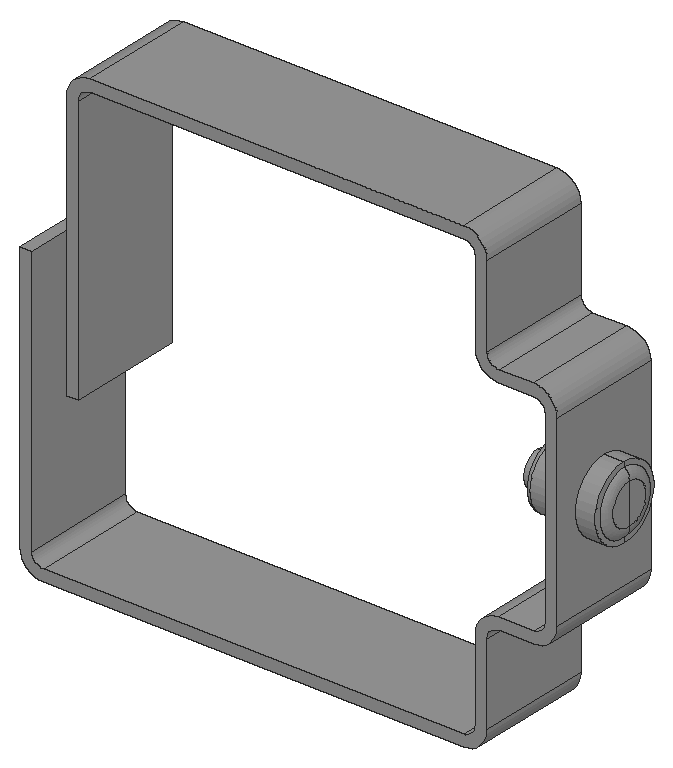
Revit family "ITK Органайзер кабельное кольцо 80х80мм", category Обобщенные модели, Revit 2016
Family settings
  Тип детали = Нормальный
  Может служить основой для арматурных стержней = Нет
  Размер круглого соединителя = Использовать диаметр
  На основе рабочей плоскости = Нет
  Всегда вертикально = Да
  При загрузке вырезать с полостями = Нет
  Общий = Нет
  Точка расчета площади = Нет
Parameters (values of type "CR35-8080")
  Совместимость = "Серия Linea S, N, W,F,O"
  Высота = 80 mm
  Описание = "Кабельные органайзеры, кольца и скобы ITK предназначены для организации кабеля и кабельных пучков в шкафах и стойках, обеспечивают их поддержку, гарантируют необходимый радиус изгиба коммутационных шнуров и кабеля при подведении их к оборудованию. При использовании кабельных организаторов и колец существенно снижается вероятность появления перегибов и изломов кабелей.\r\n\r\nКабельные кольца могут устанавливаться в любом месте шкафа, как на 19-дюймовые монтажные профили с фронтальной стороны или сбоку, так и на горизонтальные боковые профили, обеспечивая горизонтальную и вертикальную организацию кабеля. Монтаж осуществляется с помощью крепежа винт-шайба-гайка.\r\nСовместимы со всеми 19-дюймовыми шкафами и стойками ITK.\r\nОбладают современным привлекательным дизайном и продуманной конструкцией.\r\nУдобны в монтаже и эксплуатации.\r\nСоответствие международным стандартам ISO9001, IEC 297, ISO/IEC 11801. \r\nСертифицированы по ГОСТ Р.\r\nВсе аксессуары идут с крепежом.\r\nВозможно исполнение в двух цветах: серый (RAL7035) и черный (RAL9005).\r\nВсегда в наличии на складе.\r\nГарантия на все аксессуары до 2-х лет."  # constant formula
  Материал = Окраска - RAL 7035
  Type Comments = ""
  Изготовитель = "ITK"  # constant formula
  Глубина = 20 mm
  URL = "http://www.itk-group.ru/produktsiya/catalog/?page=section&id=564&pagen=1&pagec=50"
  ADSK_Примечание = ""
  ADSK_Позиция [instance] = ""
  ADSK_Наименование краткое = "CR35-8080"
  ADSK_Наименование = "ITK Органайзерр кабельное кольцо 80х80мм, серый"
  ADSK_Масса = 0
  ADSK_Марка = "CR35-8080"
  ADSK_Код изделия = ""
  ADSK_Завод-изготовитель = "IEK"
  ADSK_Единица измерения = "шт"
  ADSK_Группирование = "I. ЩИТЫ И ПУЛЬТЫ"
Reference planes
  plane 1 "По центру (Вперед/Назад)": y = 0
  plane 2: z = 0
  plane 3 "По центру (Влево/Вправо)": x = 0
  plane 4: z = 80
  plane 5: z = 40
  plane 6: y = 10
  plane 7: y = -10
Forms (mm)
  Extrusion 1, solid, material "Окраска - RAL 7035" <- "Материал", detail levels fine
    sketch origin (-2000, -1, 1200) x (-1, 0, 0) y (0, 0, -1)
      loop
        line (-1908, 1150) -> (-1908, 1196)
        arc (-1908, 1196) -> (-1909.172, 1198.828) -> (-1912, 1200) r 4
        line (-1912, 1200) -> (-1984, 1200)
        arc (-1984, 1200) -> (-1986.828, 1198.828) -> (-1988, 1196) r 4
        line (-1988, 1196) -> (-1988, 1182)
        arc (-1988, 1182) -> (-1988.586, 1180.586) -> (-1990, 1180) r 2
        line (-1990, 1180) -> (-1996, 1180)
        arc (-1996, 1180) -> (-1998.828, 1178.828) -> (-2000, 1176) r 4
        line (-2000, 1176) -> (-2000, 1144)
        arc (-2000, 1144) -> (-1998.828, 1141.172) -> (-1996, 1140) r 4
        line (-1996, 1140) -> (-1990, 1140)
        arc (-1990, 1140) -> (-1988.586, 1139.414) -> (-1988, 1138) r 2
        line (-1988, 1138) -> (-1988, 1124)
        arc (-1988, 1124) -> (-1986.828, 1121.172) -> (-1984, 1120) r 4
        line (-1984, 1120) -> (-1920, 1120)
        arc (-1920, 1120) -> (-1917.172, 1121.172) -> (-1916, 1124) r 4
        line (-1916, 1124) -> (-1916, 1170) -> (-1918, 1170) -> (-1918, 1124)
        arc (-1918, 1124) -> (-1918.586, 1122.586) -> (-1920, 1122) r 2
        line (-1920, 1122) -> (-1984, 1122)
        arc (-1984, 1122) -> (-1985.414, 1122.586) -> (-1986, 1124) r 2
        line (-1986, 1124) -> (-1986, 1138)
        arc (-1986, 1138) -> (-1987.172, 1140.828) -> (-1990, 1142) r 4
        line (-1990, 1142) -> (-1996, 1142)
        arc (-1996, 1142) -> (-1997.414, 1142.586) -> (-1998, 1144) r 2
        line (-1998, 1144) -> (-1998, 1176)
        arc (-1998, 1176) -> (-1997.414, 1177.414) -> (-1996, 1178) r 2
        line (-1996, 1178) -> (-1990, 1178)
        arc (-1990, 1178) -> (-1987.172, 1179.172) -> (-1986, 1182) r 4
        line (-1986, 1182) -> (-1986, 1196)
        arc (-1986, 1196) -> (-1985.414, 1197.414) -> (-1984, 1198) r 2
        line (-1984, 1198) -> (-1912, 1198)
        arc (-1912, 1198) -> (-1910.586, 1197.414) -> (-1910, 1196) r 2
        line (-1910, 1196) -> (-1910, 1150) -> (-1908, 1150)
    from -11 to 9
Dimensions and locks
  "Высота": plane 4 to plane 2
  equal spacing: plane 4, plane 5, plane 2
  equal spacing: plane 7, plane 1 "По центру (Вперед/Назад)", plane 6
  "Глубина": plane 7 to plane 6
  aligned and locked: level to plane 2
  aligned and locked: plane 4 to Extrusion 1 sketch curve
  aligned and locked: Extrusion 1 sketch curve to plane 2
  aligned and locked: plane 3 "По центру (Влево/Вправо)" to Extrusion 1 sketch curve
  aligned and locked: plane 6 to Extrusion 1
  aligned and locked: plane 7 to Extrusion 1
  aligned and locked: plane 5 to nested 1
  aligned and locked: nested 1 to plane 1 "По центру (Вперед/Назад)"
Automatic sketch dimensions
  Extrusion 1 sketch curve to Extrusion 1 sketch curve = 0 mm  (x16)
  plane 3 "По центру (Влево/Вправо)" to Extrusion 1 sketch curve = 2 mm
  plane 3 "По центру (Влево/Вправо)" to Extrusion 1 sketch curve = 4 mm
  Extrusion 1 sketch curve to Extrusion 1 sketch curve = 2 mm  (x5)
  Extrusion 1 sketch curve to Extrusion 1 sketch curve = 6 mm  (x2)
  Extrusion 1 sketch curve to level = 4 mm
  plane 3 "По центру (Влево/Вправо)" to Extrusion 1 sketch curve = 12 mm
  Extrusion 1 sketch curve to Extrusion 1 sketch curve = 64 mm
  plane 5 to Extrusion 1 sketch curve = 10 mm
  Extrusion 1 sketch curve to Extrusion 1 sketch curve = 4 mm
  Extrusion 1 sketch curve to Extrusion 1 sketch curve = 14 mm
  Extrusion 1 sketch curve to plane 5 = 16 mm
  Extrusion 1 sketch curve to plane 5 = 10 mm
Nested families
  nested 1: "Болтик" at (0, 0, 40) x (0, 0, 1) z (1, 0, 0), type "Болтик", detail levels fine
Definition of nested family "Болтик"
  Parameters
    Default Elevation = 1219.2 mm
    Материал = none
  Reference planes
    plane 1 "По центру (Вперед/Назад)": y = 0
    plane 2: z = 0
    plane 3 "По центру (Влево/Вправо)": x = 0
  Forms (mm)
    Extrusion 1, solid
      sketch origin (0, 0, 0) x (1, 0, 0) y (0, 1, 0)
        loop
          line (-1219.2, 1219.2) -> (-1219.2, -1219.2) -> (1219.2, -1219.2) -> (1219.2, 1219.2) -> (-1219.2, 1219.2)
      from 0 to -304.8
    Revolve 2, solid
      sketch origin (0, 0, 0) x (-1, 0, 0) y (0, 0, -1)
        loop
          arc (-5.378, -3.5) -> (-4.528, -4.129) -> (-3.494, -4.35) r 2.5
          line (-3.494, -4.35) -> (0, -4.35) -> (0, 11.25) -> (-3, 11.25) -> (-3, 9.2) -> (-4.503, 9.2)
          arc (-4.503, 9.2) -> (-5.208, 8.908) -> (-5.5, 8.203) r 0.997
          line (-5.5, 8.203) -> (-5.5, 4.2)
          arc (-5.5, 4.2) -> (-4.215, 3.475) -> (-4.173, 2) r 1.5
          line (-4.173, 2) -> (-4.173, 0) -> (-6.25, 0) -> (-6.25, -3.5) -> (-5.378, -3.5)
        axis (0, 11.25) -> (0, -4.35)
      angle from 0 to 360
  Dimensions and locks
    aligned and locked: plane 2 to Extrusion 1
    aligned and locked: level to Extrusion 1
    aligned and locked: Revolve 2 sketch curve to plane 3 "По центру (Влево/Вправо)"  (x2)
